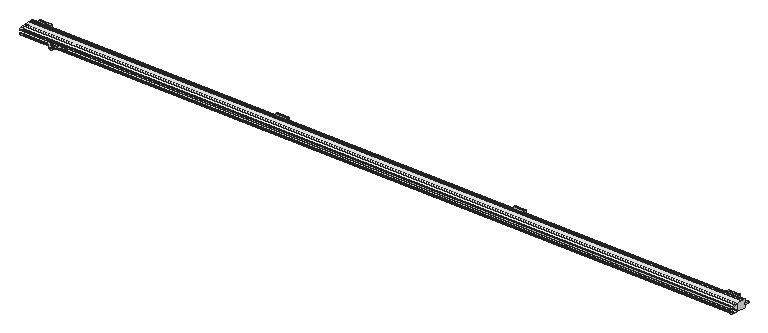
Revit family "FallProtection_RigidRail_Kattsafe_FloorMount_100", category Specialty Equipment, Revit 2025
Family settings
  Round Connector Dimension = Use Diameter
  Part Type = Normal
  OmniClass Number = 23.27.71.21
  Enable Cutting in Views = No
  Cut with Voids When Loaded = No
  Maintain Annotation Orientation = No
  Shared = No
  Room Calculation Point = No
Parameters (values of type "Type 1")
  Uniclass2015Version = "Products v1.23"
  Uniclass2015Title = "Fall arrester devices"
  Uniclass2015Code = "Pr_40_70_75_29"
  URL = "https://kattsafe.com.au/"
  Type IFC Predefined Type = "USERDEFINED"
  Type Comments = "Rigid Rail - Floor Mount - 100mm"
  TrolleyType [instance] = Trolley_Kattsafe : Single Trolley (OH260)
  SupportExtra [instance] = ActualStartSupportInset + ActualFirstSupportSpacing + ((SupportCount - 1) * ActualSupportSpacing) < [built-in parameter 1001306] - 400 mm  # yes
  SupportCount [instance] = roundup(([built-in parameter 1001306] - ActualStartSupportInset - ActualFirstSupportSpacing) / ActualSupportSpacing)  # 2
  SupportArrayCountCalc [instance] = if(SupportCount < 2, 2, SupportCount)  # 2
  SupportArray [instance] = [built-in parameter 1001306] > ActualStartSupportInset + ActualFirstSupportSpacing + ActualSupportSpacing  # yes
  ShowRailJoinSupportZones [instance] = yes
  SafetyDisclaimer [instance] = "WARNING! The correct placement of access, fall protection and facade maintenance systems is critical to ensure it is fit-for-purpose and safe for the operator to use. Did you know Kattsafe® have a dedicated team of Height Safety System Design Specialists? Kattsafe® provide one-on-one consultation and system design assistance to ensure you are meeting the stringent requirements of height safety and to give you PEACE OF MIND with your project."  # constant formula
  RailJoinSupportZoneSingle [instance] = and(ShowRailJoinSupportZones, [built-in parameter 1001306] > 6500 mm, [built-in parameter 1001306] < 12500 mm)  # no
  RailJoinSupportZoneArray [instance] = and(ShowRailJoinSupportZones, [built-in parameter 1001306] > 12500 mm)  # no
  ManufacturerOverallDepth = BracketDepth + 130 mm  # 235 mm
  SecondSupportSingleCalc [instance] = not(SupportArray)  # no
  InternalRailJoinsCalc [instance] = if(InternalRailJoins < 2, 2, InternalRailJoins)  # 2
  InternalRailJoins [instance] = if(1 = 1, roundup(([built-in parameter 1001306] - 500 mm) / 6000 mm) - 1, 0)  # 0
  Export Type to IFC As = "IfcBuildingElementProxy"
  ElementType = "Fall Protection"
  Description = "Rigid rails provide significant spanning capabilities, making them very versatile where there are limited support structures. The high strength aluminium construction, along with the unique t-bolt assembly makes it a very simple and easily adaptable system to install."  # constant formula
  Default Elevation = 0 mm
  BracketDepth = 105 mm  # constant formula
  Assembly Code = "E1090100"
  ActualFirstSupportSpacing [instance] = if(DesiredFirstSupportSpacing < 100 mm, 100 mm, if(DesiredFirstSupportSpacing > [built-in parameter 1001306] - ActualStartSupportInset * 2, [built-in parameter 1001306] - ActualStartSupportInset * 2, if(DesiredFirstSupportSpacing > MaximumSpan, MaximumSpan, DesiredFirstSupportSpacing)))  # 2000 mm
  DesiredFirstSupportSpacing [instance] = 2000 mm
  ActualRailCentreOffset [instance] = if(DesiredRailCentreOffset < 36 mm, 36 mm, if(DesiredRailCentreOffset > 86 mm, 86 mm, DesiredRailCentreOffset))  # 60 mm
  ModifiedIssue = 20240430
  Model = "OH7"
  MaximumSpan [instance] = if(ActualUsersPerSpan = 1, 4000 mm, if(ActualUsersPerSpan = 2, 3200 mm, if(ActualUsersPerSpan = 3, 2500 mm, 2000 mm)))  # 4000 mm
  Material = Aluminum_Kattsafe_Satin
  ManufacturerURLProductSpecific = "https://kattsafe.com.au/products/rigid-rails/rigid-130-rail/rigid-130-rail-metal-deck-mount-OH7"
  ManufacturerSpecCode = Model  # "OH7"
  ManufacturerOverallLength [instance] = if(1 = 1, [built-in parameter 1001306], 0 mm)  # 6000 mm
  ManufacturerOverallHeight [instance] = if(ActualRailCentreOffset + 30 mm > 105 mm, ActualRailCentreOffset + 30 mm, 105 mm)  # 105 mm
  ManufacturerHeightFromFFL [instance] = 0 mm
  Manufacturer = "Kattsafe®"  # constant formula
  built-in parameter 1001306 [instance] = 6000 mm
  IfcExportType = "USERDEFINED"
  IfcExportAs = "IfcBuildingElementProxy"
  End2Capped [instance] = no
  End1Capped [instance] = no
  DesiredUsersPerSpan [instance] = 1
  DesiredSupportSpacing [instance] = 2000 mm
  DesiredStartSupportInset [instance] = 100 mm
  DesiredRailCentreOffset [instance] = 60 mm
  CreatedByURL = "https://igsgroup.com.au"
  CreatedBy = "IGS BIM Solutions"  # constant formula
  ActualUsersPerSpan [instance] = if(DesiredUsersPerSpan < 1, 1, if(DesiredUsersPerSpan > 4, 4, DesiredUsersPerSpan))  # 1
  ActualSupportSpacing [instance] = if(DesiredSupportSpacing < 100 mm, 100 mm, if(DesiredSupportSpacing > MaximumSpan, MaximumSpan, DesiredSupportSpacing))  # 2000 mm
  ActualStartSupportInset [instance] = if(DesiredStartSupportInset > 400 mm, 400 mm, if(DesiredStartSupportInset < 50 mm, 50 mm, DesiredStartSupportInset))  # 100 mm
Reference planes
  plane 1 "RailBack": y = 0
  plane 2 "BottomReference": z = 0
  plane 3 "Left": x = 0
  plane 4 "Right": x = 6000
  plane 5 "Bottom": z = 0
  plane 6 "RailFront": y = -130
  plane 7 "1stSupport": x = 100
  plane 8 "2ndSupport": x = 2100
  plane 9 "3rdSupport": x = 4100
  plane 10 "ExtraSupport": x = 5900
  plane 11 "RailCentre": z = 60
  plane 12 "Back": y = 105
  plane 13 "Trolley": x = 300
  plane 14 "RailCentre(Front/Back)": y = -65
  plane 15 "RailJoin1": x = 6000
  plane 16 "RailJoin2": x = 12000
Forms (mm)
  Sweep 1, solid, material "Aluminum_Kattsafe_Satin" <- "Material"
    path origin (0, 0, 60) x (-1, 0, 0) y (0, -1, 0)
      loop
        line (0, 130) -> (-6000, 130)
    profile "Z_Fallprotection_Kattsafe_Rigidrail_130 : Type 1" origin (3000, -130, 60) x (0, 1, 0) y (0, 0, 1)
      loop
        line (25.1, -30) -> (94.75, -30) -> (94.75, -23) -> (106.75, -23) -> (106.75, -30) -> (117, -30) -> (117, -24) -> (124, -24) -> (124, -30) -> (130, -30) -> (130, -10.5) -> (124, -10.5) -> (124, -16.5) -> (117, -16.5) -> (117, -10.5) -> (114, -10.5) -> (114, 10.5) -> (117, 10.5) -> (117, 16.5) -> (124, 16.5) -> (124, 10.5) -> (130, 10.5) -> (130, 30) -> (124, 30) -> (124, 24) -> (117, 24) -> (117, 30) -> (106.75, 30) -> (106.75, 23) -> (94.75, 23) -> (94.75, 30) -> (25.1, 30) -> (3.706, 24.267)
        arc (3.706, 24.267) -> (1.033, 22.482) -> (0, 19.438) r 5
        line (0, 19.438) -> (0, 9.025) -> (4, 9.025) -> (4, 17.903)
        arc (4, 17.903) -> (4.62, 19.729) -> (6.224, 20.801) r 3
        line (6.224, 20.801) -> (25.627, 26) -> (55, 26)
        arc (55, 26) -> (58.536, 24.536) -> (60, 21) r 5
        line (60, 21) -> (60, -21)
        arc (60, -21) -> (58.536, -24.536) -> (55, -26) r 5
        line (55, -26) -> (25.627, -26) -> (6.224, -20.801)
        arc (6.224, -20.801) -> (4.62, -19.729) -> (4, -17.903) r 3
        line (4, -17.903) -> (4, -9.025) -> (0, -9.025) -> (0, -19.438)
        arc (0, -19.438) -> (1.033, -22.482) -> (3.706, -24.267) r 5
        line (3.706, -24.267) -> (25.1, -30)
Lines and regions (mm)
  reference lines
    curve 1: line (0, 0, 0) -> (6000, 0, 0)
Text (mm)
  text "Disclaimer:\nDue to ongoing product development and manufacturing \nevolution, product details are subject to change without \nnotice. Please refer to product technical data sheets on \nthe manufacturers website for the most current product \ninformation. Please allow a +/- 5mm manufacturing \ntolerance for dimensions and set-outs shown in product \nliterature." at (9794.221, -1431.406, 0), in view "Ref. Level"
Dimensions and locks
  "built-in parameter 1001306": plane 3 "Left" to plane 4 "Right"
  "ManufacturerHeightFromFFL": plane 5 "Bottom" to plane 2 "BottomReference"
  locked: plane 1 "RailBack" to plane 6 "RailFront" at 130
  "ActualStartSupportInset": plane 7 "1stSupport" to plane 3 "Left"
  "ActualFirstSupportSpacing": plane 8 "2ndSupport" to plane 7 "1stSupport"
  "ActualSupportSpacing": plane 9 "3rdSupport" to plane 8 "2ndSupport"
  group 1 to group 2 = 2000 mm
  group 1 to group 2 = 0 mm  (x2)
  "ActualStartSupportInset": plane 4 "Right" to plane 10 "ExtraSupport"
  "ActualRailCentreOffset": plane 11 "RailCentre" to plane 5 "Bottom"
  "BracketDepth": plane 12 "Back" to plane 1 "RailBack"
  locked: plane 3 "Left" to plane 13 "Trolley" at 300
  equal spacing: plane 6 "RailFront", plane 14 "RailCentre(Front/Back)", plane 1 "RailBack"
  group 3 to group 4 = 6000 mm
  group 4 to group 3 = 0 mm
  group 3 to group 4 = 0 mm
  plane 16 "RailJoin2" to plane 15 "RailJoin1" to plane 3 "Left" = 6000 mm locked, 6000 mm locked
  aligned and locked: plane 4 "Right" to curve 1
  aligned and locked: plane 1 "RailBack" to curve 1
  aligned and locked: plane 3 "Left" to curve 1
  aligned and locked: level to plane 2 "BottomReference"
  aligned and locked: plane 3 "Left" to Sweep 1 sketch curve
  aligned and locked: plane 4 "Right" to Sweep 1 sketch curve
  aligned and locked: Sweep 1 sketch curve to plane 6 "RailFront"
  aligned and locked: plane 9 "3rdSupport" to nested 3
  aligned and locked: nested 1 to plane 5 "Bottom"
  aligned and locked: plane 5 "Bottom" to nested 4
  aligned and locked: plane 5 "Bottom" to nested 2
  aligned and locked: plane 5 "Bottom" to nested 3
  aligned and locked: plane 5 "Bottom" to nested 5
  aligned and locked: nested 1 to plane 7 "1stSupport"
  aligned and locked: nested 2 to plane 8 "2ndSupport"
  aligned and locked: nested 4 to plane 8 "2ndSupport"
  aligned and locked: nested 5 to plane 10 "ExtraSupport"
  aligned and locked: nested 1 to plane 1 "RailBack"
  aligned and locked: nested 4 to plane 1 "RailBack"
  aligned and locked: nested 2 to plane 1 "RailBack"
  aligned and locked: nested 3 to plane 1 "RailBack"
  aligned and locked: nested 5 to plane 1 "RailBack"
  aligned and locked: plane 11 "RailCentre" to nested 6
  aligned and locked: nested 7 to plane 11 "RailCentre"
  aligned and locked: nested 7 to plane 1 "RailBack"
  aligned and locked: nested 6 to plane 1 "RailBack"
  aligned and locked: nested 8 to plane 6 "RailFront"
  aligned and locked: plane 13 "Trolley" to nested 8
  aligned and locked: nested 9 to plane 11 "RailCentre"
  aligned and locked: nested 10 to plane 11 "RailCentre"
  aligned and locked: nested 11 to plane 11 "RailCentre"
  aligned and locked: plane 16 "RailJoin2" to nested 11
  aligned and locked: plane 15 "RailJoin1" to nested 10
  aligned and locked: plane 15 "RailJoin1" to nested 9
  aligned and locked: plane 14 "RailCentre(Front/Back)" to nested 9
  aligned and locked: plane 14 "RailCentre(Front/Back)" to nested 10
  aligned and locked: plane 14 "RailCentre(Front/Back)" to nested 11
Nested families
  nested 1: "Z_Mount_Kattsafe_Rigidrail_Floor" at (100, 300, 0) x (-1, 0, 0) z (0, 0, 1), type "Type 1"
    with ManufacturerHeightFromFFL 0 mm
  nested 2: "Z_Mount_Kattsafe_Rigidrail_Floor" at (2100, 300, 0) x (-1, 0, 0) z (0, 0, 1), visible <- "SupportArray", type "Type 1"
    with ManufacturerHeightFromFFL 0 mm
  nested 3: "Z_Mount_Kattsafe_Rigidrail_Floor" at (4100, 300, 0) x (-1, 0, 0) z (0, 0, 1), visible <- "SupportArray", type "Type 1"
    with ManufacturerHeightFromFFL 0 mm
  nested 4: "Z_Mount_Kattsafe_Rigidrail_Floor" at (2100, 300, 0) x (-1, 0, 0) z (0, 0, 1), visible <- "SecondSupportSingleCalc", type "Type 1"
    with ManufacturerHeightFromFFL 0 mm
  nested 5: "Z_Mount_Kattsafe_Rigidrail_Floor" at (5900, 300, 0) x (-1, 0, 0) z (0, 0, 1), visible <- "SupportExtra", type "Type 1"
    with ManufacturerHeightFromFFL 0 mm
  nested 6: "Z_Kattsafe_Rigidrail_130_Endcap" at (0, -130, 60) x (0, 0, 1) z (-1, 0, 0), visible <- "End1Capped", type "Type 1"
  nested 7: "Z_Kattsafe_Rigidrail_130_Endcap" at (6000, -130, 60) x (0, 0, -1) z (1, 0, 0), visible <- "End2Capped", type "Type 1"
  nested 8: "Trolley_Kattsafe" at (300, -130, 60), type <- "TrolleyType", type "Single Trolley (OH260)"
  nested 9: "z_Clearance_Kattsafe_RailJoin" at (6000, -65, 60), visible <- "RailJoinSupportZoneSingle", type "Type 1"
  nested 10: "z_Clearance_Kattsafe_RailJoin" at (6000, -65, 60), visible <- "RailJoinSupportZoneArray", type "Type 1"
  nested 11: "z_Clearance_Kattsafe_RailJoin" at (12000, -65, 60), visible <- "RailJoinSupportZoneArray", type "Type 1"
Definition of nested family "Z_Mount_Kattsafe_Rigidrail_Floor"
  Parameters (values of type "Type 1")
    URL = "https://kattsafe.com.au/"
    Thickness = if([100Bracket], 10 mm, 6 mm)  # 10 mm
    OuterRadiusCalc = Thickness * 2  # 20 mm
    ManufacturerOverallWidth = 100 mm  # constant formula
    ManufacturerOverallHeight = if([100Bracket], 105 mm, 230 mm)  # 105 mm
    ManufacturerOverallDepth = if([100Bracket], 105 mm, 300 mm)  # 105 mm
    ManufacturerHeightFromFFL [instance] = 0 mm  # constant formula
    Manufacturer = "SAYFA"  # constant formula
    Default Elevation = 1219.2 mm
    CreatedByURL = "https://igsgroup.com.au"
    CreatedBy = "IGS BIM Solutions"  # constant formula
    200Bracket = not([100Bracket])  # no
    100Bracket = yes
  Reference planes
    plane 1 "Centre (Front/Back)": y = 247.5
    plane 2 "Ref. Level": z = 0
    plane 3 "Centre (Left/Right)": x = 0
    plane 4 "Back": y = 300
    plane 5 "Front": y = 195
    plane 6 "Right": x = 50
    plane 7 "Left": x = -50
    plane 8 "Bottom": z = 0
    plane 9 "Centre (Elevation)": z = 52.5
    plane 10 "Top": z = 105
  Forms (mm)
    Extrusion 1, solid, visible <- "100Bracket"
      sketch origin (0, 0, 0) x (0, 1, 0) y (0, 0, 1)
        loop
          line (300, 105) -> (290, 105) -> (290, 20)
          arc (290, 20) -> (287.071, 12.929) -> (280, 10) r 10
          line (280, 10) -> (195, 10) -> (195, 0) -> (280, 0)
          arc (280, 0) -> (294.142, 5.858) -> (300, 20) r 20
          line (300, 20) -> (300, 105)
      from -50 to 50
    Extrusion 2, void
      sketch origin (0, 247.5, 0) x (1, 0, 0) y (0, 0, 1)
        loop
          line (-50, 105) -> (-50, 95)
          arc (-50, 95) -> (-47.071, 102.071) -> (-40, 105) r 10
          line (-40, 105) -> (-50, 105)
        loop
          line (50, 105) -> (40, 105)
          arc (40, 105) -> (47.071, 102.071) -> (50, 95) r 10
          line (50, 95) -> (50, 105)
      from -52.5 to -42.5
    Extrusion 3, void
      sketch origin (0, 0, 0) x (0, -1, 0) y (1, 0, 0)
        loop
          line (-205, -50) -> (-195, -50) -> (-195, -40)
          arc (-195, -40) -> (-197.929, -47.071) -> (-205, -50) r 10
        loop
          arc (-205, 50) -> (-197.929, 47.071) -> (-195, 40) r 10
          line (-195, 40) -> (-195, 50) -> (-205, 50)
      from 0 to 10
    Extrusion 4, solid, visible <- "200Bracket"
      sketch origin (0, 0, 0) x (0, 1, 0) y (0, 0, 1)
        loop
          line (300, 105) -> (288, 105) -> (250, 67) -> (250, 50) -> (195, 50) -> (195, 0) -> (288, 0)
          arc (288, 0) -> (296.485, 3.515) -> (300, 12) r 12
          line (300, 12) -> (300, 105)
      from -50 to 50
    Extrusion 5, void
      sketch origin (0, 0, 0) x (1, 0, 0) y (0, 1, 0)
        loop
          line (-44, 294) -> (-44, 195) -> (44, 195) -> (44, 294) -> (-44, 294)
      from 6 to 105
  Cuts and joins
    Extrusion 2, Extrusion 3 cuts Extrusion 1
    Extrusion 5 cuts Extrusion 4
  Lines and regions (mm)
    Masking region 1, visible <- "200Bracket"
      outline origin (0, 0, 0) x (1, 0, 0) y (0, 1, 0)
        loop
          arc (-38, 300) -> (-46.485, 296.485) -> (-50, 288) r 12
          line (-50, 288) -> (-50, 195) -> (50, 195) -> (50, 288)
          arc (50, 288) -> (46.485, 296.485) -> (38, 300) r 12
          line (38, 300) -> (-38, 300)
    Masking region 2, visible <- "100Bracket"
      outline origin (0, 0, 0) x (1, 0, 0) y (0, 1, 0)
        loop
          line (50, 300) -> (-50, 300) -> (-50, 205)
          arc (-50, 205) -> (-47.071, 197.929) -> (-40, 195) r 10
          line (-40, 195) -> (40, 195)
          arc (40, 195) -> (47.071, 197.929) -> (50, 205) r 10
          line (50, 205) -> (50, 300)
    symbolic lines, visible <- "200Bracket"
      curve 1: line (-44, 288, 0) -> (-44, 195, 0)
      curve 2: line (44, 195, 0) -> (44, 288, 0)
      curve 3: line (38, 294, 0) -> (-38, 294, 0)
      curve 4: arc (-44, 288, 0) -> (-42.243, 292.243, 0) -> (-38, 294, 0) r 6
      curve 5: arc (38, 294, 0) -> (42.243, 292.243, 0) -> (44, 288, 0) r 6
    symbolic lines, visible <- "100Bracket"
      curve 6: line (-50, 290, 0) -> (50, 290, 0)
  Text (mm)
    text "Disclaimer:\nDue to ongoing product development and manufacturing \nevolution, product details are subject to change without \nnotice. Please refer to product technical data sheets on \nthe manufacturers website for the most current product \ninformation. Please allow a +/- 5mm manufacturing \ntolerance for dimensions and set-outs shown in product \nliterature." at (985.527, 159.228, 0), in view "Ref. Level"
  Dimensions and locks
    equal spacing: plane 7 "Left", plane 3 "Centre (Left/Right)", plane 6 "Right"
    "ManufacturerOverallWidth": plane 7 "Left" to plane 6 "Right"
    equal spacing: plane 5 "Front", plane 1 "Centre (Front/Back)", plane 4 "Back"
    "ManufacturerOverallDepth": plane 5 "Front" to plane 4 "Back"
    equal spacing: plane 10 "Top", plane 9 "Centre (Elevation)", plane 8 "Bottom"
    "ManufacturerOverallHeight": plane 10 "Top" to plane 8 "Bottom"
    "ManufacturerHeightFromFFL": plane 8 "Bottom" to plane 2 "Ref. Level"
    "Thickness": plane 4 "Back" to Extrusion 1 sketch curve
    "Thickness": plane 8 "Bottom" to Extrusion 1 sketch curve
    locked: plane 4 "Back" to Extrusion 4 sketch curve at 50
    locked: plane 8 "Bottom" to Extrusion 4 sketch curve at 50
    locked: plane 7 "Left" to Extrusion 5 sketch curve at 6
    locked: Extrusion 5 sketch curve to plane 6 "Right" at 6
    locked: Extrusion 5 sketch curve to plane 4 "Back" at 6
    "Thickness": radius of Extrusion 1 sketch curve
    "OuterRadiusCalc": radius of Extrusion 1 sketch curve
    radius of Extrusion 2 sketch curve = 10 mm  (x2)
    radius of Extrusion 3 sketch curve = 10 mm  (x2)
    radius of Extrusion 4 sketch curve = 12 mm
    radius of Masking region 1 sketch curve = 12 mm  (x2)
    radius of curve 5 = 6 mm
    radius of curve 4 = 6 mm
    radius of Masking region 2 sketch curve = 10 mm  (x2)
    locked: Extrusion 4 sketch curve to plane 10 "Top" (angle 45.00°)
    aligned and locked: level to plane 2 "Ref. Level"
    aligned and locked: plane 4 "Back" to Extrusion 1 sketch curve
    aligned and locked: plane 10 "Top" to Extrusion 1 sketch curve
    aligned and locked: Extrusion 1 sketch curve to plane 8 "Bottom"
    aligned and locked: Extrusion 1 sketch curve to plane 5 "Front"
    aligned and locked: Extrusion 1 to plane 7 "Left"
    aligned and locked: plane 6 "Right" to Extrusion 1
    aligned and locked: Extrusion 2 sketch curve to plane 7 "Left"
    aligned and locked: plane 10 "Top" to Extrusion 2 sketch curve
    aligned and locked: Extrusion 2 sketch curve to plane 10 "Top"
    aligned and locked: Extrusion 2 sketch curve to plane 6 "Right"
    aligned and locked: Extrusion 2 to plane 4 "Back"
    aligned and locked: Extrusion 1 to Extrusion 2
    aligned and locked: Extrusion 3 sketch curve to plane 7 "Left"
    aligned and locked: plane 5 "Front" to Extrusion 3 sketch curve
    aligned and locked: Extrusion 3 sketch curve to plane 5 "Front"
    aligned and locked: Extrusion 3 sketch curve to plane 6 "Right"
    aligned and locked: plane 8 "Bottom" to Extrusion 3
    aligned and locked: Extrusion 3 to cut or joined group of Extrusion 1, Extrusion 2, Extrusion 3
    aligned and locked: Extrusion 4 sketch curve to plane 8 "Bottom"
    aligned and locked: Extrusion 4 sketch curve to plane 5 "Front"
    aligned and locked: plane 10 "Top" to Extrusion 4 sketch curve
    aligned and locked: plane 4 "Back" to Extrusion 4 sketch curve
    aligned and locked: Extrusion 4 to plane 7 "Left"
    aligned and locked: plane 6 "Right" to Extrusion 4
    aligned and locked: Extrusion 5 sketch curve to plane 5 "Front"
    aligned and locked: Extrusion 5 to plane 10 "Top"
    aligned and locked: Masking region 1 sketch curve to plane 6 "Right"
    aligned and locked: plane 7 "Left" to Masking region 1 sketch curve
    aligned and locked: Masking region 1 sketch curve to plane 5 "Front"
    aligned and locked: plane 4 "Back" to Masking region 1 sketch curve
    aligned and locked: Masking region 2 sketch curve to plane 4 "Back"
    aligned and locked: Masking region 2 sketch curve to plane 5 "Front"
    aligned and locked: Masking region 2 sketch curve to plane 6 "Right"
    aligned and locked: Masking region 2 sketch curve to plane 7 "Left"
    aligned and locked: curve 6 to cut or joined group of Extrusion 1, Extrusion 2, Extrusion 3
  Automatic sketch dimensions
    plane 5 "Front" to curve 1 = 0 mm
    plane 5 "Front" to curve 2 = 0 mm
    plane 7 "Left" to curve 1 = 6 mm
    curve 6 to plane 7 "Left" = 0 mm
    curve 6 to plane 6 "Right" = 0 mm
    plane 4 "Back" to Extrusion 4 sketch curve = 12 mm
    plane 4 "Back" to curve 3 = 6 mm
    curve 3 to plane 6 "Right" = 12 mm
Definition of nested family "Z_Kattsafe_Rigidrail_130_Endcap"
  Parameters (values of type "Type 1")
    URL = "https://kattsafe.com.au/"
    Manufacturer = "Kattsafe®"
    EndBracket = yes
    Default Elevation = 1219.2 mm
  Reference planes
    plane 1 "Center (Front/Back)": y = 0
    plane 2: z = 0
    plane 3 "Center (Left/Right)": x = 0
  Forms (mm)
    Extrusion 1, solid
      sketch origin (0, 0, 0) x (1, 0, 0) y (0, 1, 0)
        loop
          line (-1219.2, 1219.2) -> (-1219.2, -1219.2) -> (1219.2, -1219.2) -> (1219.2, 1219.2) -> (-1219.2, 1219.2)
      from 0 to -304.8
    Extrusion 2, solid, visible <- "EndBracket"
      sketch origin (-1824, 130, 1039.649) x (0, 0, 1) y (-1, 0, 0)
        loop
          line (-1074.649, -1794) -> (-1039.649, -1794) -> (-1039.649, -1854.25) -> (-1074.649, -1854.25) -> (-1074.649, -1857.25) -> (-1036.649, -1857.25) -> (-1036.649, -1790.75) -> (-1074.649, -1790.75) -> (-1074.649, -1794)
      from 0 to 105
    Extrusion 3, solid, visible <- "EndBracket"
      sketch origin (0, 0, 0) x (1, 0, 0) y (0, 1, 0)
        loop
          line (24.498, 3.697) -> (27.25, 13.889)
          spline (27.25, 13.889) -> (28.033, 14.815) -> (28.803, 15.741) -> (29.546, 16.667) -> (30.25, 17.593) -> (30.903, 18.519) -> (31.493, 19.444) -> (32.01, 20.37) -> (32.446, 21.296) -> (32.793, 22.222) -> (33.045, 23.148) -> (33.198, 24.074) -> (33.25, 25)
          line (33.25, 25) -> (-33.25, 25)
          spline (-33.25, 25) -> (-33.198, 24.074) -> (-33.045, 23.148) -> (-32.793, 22.222) -> (-32.446, 21.296) -> (-32.01, 20.37) -> (-31.492, 19.444) -> (-30.902, 18.519) -> (-30.249, 17.593) -> (-29.546, 16.667) -> (-28.803, 15.741) -> (-28.033, 14.815) -> (-27.25, 13.889)
          line (-27.25, 13.889) -> (-24.498, 3.697)
          arc (-24.498, 3.697) -> (-22.711, 1.03) -> (-19.671, 0) r 5
          line (-19.671, 0) -> (19.671, 0)
          arc (19.671, 0) -> (22.711, 1.03) -> (24.498, 3.697) r 5
      from 0 to 3
    Extrusion 4, void
      sketch origin (0, 0, 0) x (1, 0, 0) y (0, 0, 1)
        loop
          line (-33.25, 3) -> (-33.25, -3)
          arc (-33.25, -3) -> (-31.493, 1.243) -> (-27.25, 3) r 6
          line (-27.25, 3) -> (-33.25, 3)
        loop
          line (33.25, 3) -> (27.25, 3)
          arc (27.25, 3) -> (31.493, 1.243) -> (33.25, -3) r 6
          line (33.25, -3) -> (33.25, 3)
      from -130 to 0
  Cuts and joins
    Extrusion 4 cuts Extrusion 2
    Extrusion 4 cuts Extrusion 3
    joined: Extrusion 2, Extrusion 3
  Dimensions and locks
    locked: Extrusion 2 sketch curve to Extrusion 2 sketch curve at 66.5
    locked: Extrusion 2 sketch curve to Extrusion 2 sketch curve at 3.25
    locked: Extrusion 2 sketch curve to Extrusion 2 sketch curve at 3
    aligned and locked: plane 2 to Extrusion 1
    aligned and locked: level to Extrusion 1
    aligned and locked: Extrusion 2 sketch curve to Extrusion 2 sketch curve
    aligned and locked: Extrusion 3 to Extrusion 2
    aligned and locked: Extrusion 4 to cut or joined group of Extrusion 2, Extrusion 3, Extrusion 4  (x2)
Definition of nested family "Trolley_Kattsafe"
  Parameters (values of type "Single Trolley (OH260)")
    URL = "https://kattsafe.com.au/"
    SingleTrolley = yes
    RollerOffsetCalc = if(DoubleRollers, 75 mm, 47 mm)  # 47 mm
    Model = "OH260"
    Material = none
    ManufacturerOverallWidth = if(SingleTrolley, 150 mm, 206 mm)  # 150 mm
    ManufacturerOverallHeight = 119 mm
    ManufacturerOverallDepth = 49 mm
    Manufacturer = "SAYFA"  # constant formula
    DualTrolley = no
    DualOffsetTrolley = no
    DualMultiTrolley = no
    DoubleRollers = not(SingleTrolley)  # no
    Default Elevation = 1219.2 mm
    CreatedByURL = "https://igsgroup.com.au"
    CreatedBy = "IGS BIM Solutions"  # constant formula
  Types (4, lengths in mm): name | SingleTrolley | RollerOffsetCalc | Model | ManufacturerOverallWidth | ManufacturerOverallHeight | DualTrolley | DualOffsetTrolley | DualMultiTrolley | DoubleRollers
    Single Trolley (OH260) | yes | 47 | "OH260" | 150 | 119 | no | no | no | no
    Dual Trolley (OH261A) | no | 75 | "OH261A" | 206 | 134 | yes | no | no | yes
    Dual Offset Trolley (OH261F) | no | 75 | "OH261F" | 206 | 122 | no | yes | no | yes
    Dual Multi Trolley (OH261M) | no | 75 | "OH261M" | 206 | 77 | no | no | yes | yes
  Reference planes
    plane 1 "Centre (Front/Back)": y = 0
    plane 2 "Ref. Level": y = 0
    plane 3 "Centre (Left/Right)": x = 0
    plane 4 "RailBottom": z = 0
  Forms (mm)
    Extrusion 1, solid, material <- "Material", detail levels medium+fine
      sketch origin (0, -42.75, 0) x (1, 0, 0) y (0, 1, 0)
        loop
          circle (-47, 74.555) r 26
        loop
          circle (47, 74.555) r 26
      from -18 to -3
    Extrusion 2, solid, material <- "Material", visible <- "DoubleRollers", detail levels medium+fine
      sketch origin (-6.323, 32.684, 0) x (1, 0, 0) y (0, 1, 0)
        loop
          circle (-24.927, 12.316) r 15
        loop
          circle (37.573, 12.316) r 15
      from -12 to -3
    Extrusion 3, solid, material <- "Material", visible <- "SingleTrolley", detail levels medium+fine
      sketch origin (-50.585, -29.555, 0) x (1, 0, 0) y (0, 1, 0)
        loop
          circle (50.585, 74.555) r 15
      from -12 to -3
    Extrusion 4, solid, material <- "Material", visible <- "DualTrolley"
      sketch origin (-28, -2.8, 0) x (1, 0, 0) y (0, 1, 0)
        loop
          line (-75, 46.8) -> (-75, 3.645)
          arc (-75, 3.645) -> (-73.478, -4.009) -> (-69.142, -10.497) r 20
          line (-69.142, -10.497) -> (-14.142, -65.497)
          arc (-14.142, -65.497) -> (-6.487, -70.274) -> (2.487, -71.2) r 20
          line (2.487, -71.2) -> (56.155, -71.2)
          arc (56.155, -71.2) -> (63.809, -69.678) -> (70.297, -65.342) r 20
          line (70.297, -65.342) -> (125.142, -10.497)
          arc (125.142, -10.497) -> (129.478, -4.009) -> (131, 3.645) r 20
          line (131, 3.645) -> (131, 46.8)
          arc (131, 46.8) -> (128.071, 53.871) -> (121, 56.8) r 10
          line (121, 56.8) -> (-65, 56.8)
          arc (-65, 56.8) -> (-72.071, 53.871) -> (-75, 46.8) r 10
        loop
          line (-24.657, -38.012) -> (-5.812, -56.857)
          arc (-5.812, -56.857) -> (-3.217, -58.591) -> (-0.155, -59.2) r 8
          line (-0.155, -59.2) -> (16, -59.2)
          arc (16, -59.2) -> (21.657, -56.857) -> (24, -51.2) r 8
          line (24, -51.2) -> (24, -32.355)
          arc (24, -32.355) -> (21.657, -26.698) -> (16, -24.355) r 8
          line (16, -24.355) -> (-19, -24.355)
          arc (-19, -24.355) -> (-26.391, -29.294) -> (-24.657, -38.012) r 8
        loop
          arc (80.657, -38.012) -> (82.391, -29.294) -> (75, -24.355) r 8
          line (75, -24.355) -> (40, -24.355)
          arc (40, -24.355) -> (34.343, -26.698) -> (32, -32.355) r 8
          line (32, -32.355) -> (32, -51.2)
          arc (32, -51.2) -> (34.343, -56.857) -> (40, -59.2) r 8
          line (40, -59.2) -> (56.155, -59.2)
          arc (56.155, -59.2) -> (59.217, -58.591) -> (61.812, -56.857) r 8
          line (61.812, -56.857) -> (80.657, -38.012)
      from -3 to 3
    Extrusion 5, solid, material <- "Material", visible <- "SingleTrolley", detail levels medium+fine
      sketch origin (-50.585, -29.555, 0) x (0, -1, 0) y (1, 0, 0)
        loop
          circle (-74.555, 50.585) r 15
      from -12 to -3
    Extrusion 6, solid, material <- "Material", visible <- "DualOffsetTrolley"
      sketch origin (0, 0, 0) x (0, 0, -1) y (0, 1, 0)
        loop
          line (-3, 54) -> (-3, -0.404)
          arc (-3, -0.404) -> (-3.457, -2.701) -> (-4.757, -4.647) r 6
          line (-4.757, -4.647) -> (-57.811, -57.701) -> (-53.569, -61.944) -> (-0.515, -8.89)
          arc (-0.515, -8.89) -> (2.087, -4.997) -> (3, -0.404) r 12
          line (3, -0.404) -> (3, 54) -> (-3, 54)
      from -103 to 103
    Extrusion 7, void
      sketch origin (0, -4.647, 4.757) x (0, -0.707107, 0.707107) y (1, 0, 0)
        loop
          arc (14.327, -97.142) -> (7.838, -101.478) -> (0.185, -103) r 20
          line (0.185, -103) -> (75.029, -103) -> (75.029, -30.487)
          arc (75.029, -30.487) -> (73.15, -36.79) -> (69.327, -42.142) r 20
          line (69.327, -42.142) -> (14.327, -97.142)
        loop
          line (14.327, 97.142) -> (69.172, 42.297)
          arc (69.172, 42.297) -> (73.507, 35.809) -> (75.029, 28.155) r 20
          line (75.029, 28.155) -> (75.029, 103) -> (0.185, 103)
          arc (0.185, 103) -> (7.838, 101.478) -> (14.327, 97.142) r 20
        loop
          line (41.842, -52.657) -> (60.686, -33.812)
          arc (60.686, -33.812) -> (62.42, -31.217) -> (63.029, -28.155) r 8
          line (63.029, -28.155) -> (63.029, -12)
          arc (63.029, -12) -> (60.686, -6.343) -> (55.029, -4) r 8
          line (55.029, -4) -> (36.185, -4)
          arc (36.185, -4) -> (30.528, -6.343) -> (28.185, -12) r 8
          line (28.185, -12) -> (28.185, -47)
          arc (28.185, -47) -> (33.123, -54.391) -> (41.842, -52.657) r 8
        loop
          arc (41.842, 52.657) -> (33.123, 54.391) -> (28.185, 47) r 8
          line (28.185, 47) -> (28.185, 12)
          arc (28.185, 12) -> (30.528, 6.343) -> (36.185, 4) r 8
          line (36.185, 4) -> (55.029, 4)
          arc (55.029, 4) -> (60.686, 6.343) -> (63.029, 12) r 8
          line (63.029, 12) -> (63.029, 28.155)
          arc (63.029, 28.155) -> (62.42, 31.217) -> (60.686, 33.812) r 8
          line (60.686, 33.812) -> (41.842, 52.657)
      from -6 to 0
    Extrusion 8, void
      sketch origin (-1, 27, 74.239) x (0, -0.707107, -0.707107) y (1, 0, 0)
        loop
          line (45.12, -96.142) -> (-9.88, -41.142)
          arc (-9.88, -41.142) -> (-13.703, -35.79) -> (-15.582, -29.487) r 20
          line (-15.582, -29.487) -> (-15.582, -102) -> (59.262, -102)
          arc (59.262, -102) -> (51.609, -100.478) -> (45.12, -96.142) r 20
        loop
          arc (45.12, 98.142) -> (51.609, 102.478) -> (59.262, 104) r 20
          line (59.262, 104) -> (-15.582, 104) -> (-15.582, 29.155)
          arc (-15.582, 29.155) -> (-14.06, 36.809) -> (-9.725, 43.297) r 20
          line (-9.725, 43.297) -> (45.12, 98.142)
        loop
          arc (17.605, -51.657) -> (26.324, -53.391) -> (31.262, -46) r 8
          line (31.262, -46) -> (31.262, -11)
          arc (31.262, -11) -> (28.919, -5.343) -> (23.262, -3) r 8
          line (23.262, -3) -> (4.418, -3)
          arc (4.418, -3) -> (-1.239, -5.343) -> (-3.582, -11) r 8
          line (-3.582, -11) -> (-3.582, -27.155)
          arc (-3.582, -27.155) -> (-2.973, -30.217) -> (-1.239, -32.812) r 8
          line (-1.239, -32.812) -> (17.605, -51.657)
        loop
          line (17.605, 53.657) -> (-1.239, 34.812)
          arc (-1.239, 34.812) -> (-2.973, 32.217) -> (-3.582, 29.155) r 8
          line (-3.582, 29.155) -> (-3.582, 13)
          arc (-3.582, 13) -> (-1.239, 7.343) -> (4.418, 5) r 8
          line (4.418, 5) -> (23.262, 5)
          arc (23.262, 5) -> (28.919, 7.343) -> (31.262, 13) r 8
          line (31.262, 13) -> (31.262, 48)
          arc (31.262, 48) -> (26.324, 55.391) -> (17.605, 53.657) r 8
      from 0 to 6
    Extrusion 9, solid, material <- "Material", detail levels medium+fine
      sketch origin (0, -42.75, 0) x (1, 0, 0) y (0, 1, 0)
        loop
          circle (-47, 74.555) r 26
        loop
          circle (47, 74.555) r 26
      from 3 to 18
    Extrusion 10, solid, material <- "Material", visible <- "DoubleRollers", detail levels medium+fine
      sketch origin (-6.323, 32.684, 0) x (1, 0, 0) y (0, 1, 0)
        loop
          circle (-24.927, 12.316) r 15
        loop
          circle (37.573, 12.316) r 15
      from 3 to 12
    Extrusion 11, solid, material <- "Material", visible <- "SingleTrolley", detail levels medium+fine
      sketch origin (-50.585, -29.555, 0) x (1, 0, 0) y (0, 1, 0)
        loop
          circle (50.585, 74.555) r 15
      from 3 to 12
    Extrusion 12, solid, material <- "Material", visible <- "DualMultiTrolley"
      sketch origin (0, 0, 0) x (0, 1, 0) y (0, 0, 1)
        loop
          line (54, 3) -> (-6, 3)
          arc (-6, 3) -> (-10.243, 4.757) -> (-12, 9) r 6
          line (-12, 9) -> (-12, 32.754)
          arc (-12, 32.754) -> (-11.543, 35.05) -> (-10.243, 36.997) r 6
          line (-10.243, 36.997) -> (38.018, 85.258) -> (33.776, 89.5) -> (-14.485, 41.239)
          arc (-14.485, 41.239) -> (-17.087, 37.346) -> (-18, 32.754) r 12
          line (-18, 32.754) -> (-18, 9)
          arc (-18, 9) -> (-14.485, 0.515) -> (-6, -3) r 12
          line (-6, -3) -> (54, -3) -> (54, 3)
      from -103 to 103
    Extrusion 13, solid, material <- "Material", visible <- "SingleTrolley"
      sketch origin (0, 0, 0) x (1, 0, 0) y (0, 1, 0)
        loop
          line (-75, 44) -> (-75, 16)
          arc (-75, 16) -> (-73.478, 8.346) -> (-69.142, 1.858) r 20
          line (-69.142, 1.858) -> (-14.142, -53.142)
          arc (-14.142, -53.142) -> (0, -59) -> (14.142, -53.142) r 20
          line (14.142, -53.142) -> (69.142, 1.858)
          arc (69.142, 1.858) -> (73.478, 8.346) -> (75, 16) r 20
          line (75, 16) -> (75, 44)
          arc (75, 44) -> (72.071, 51.071) -> (65, 54) r 10
          line (65, 54) -> (-65, 54)
          arc (-65, 54) -> (-72.071, 51.071) -> (-75, 44) r 10
        loop
          line (-24.657, -25.657) -> (-5.657, -44.657)
          arc (-5.657, -44.657) -> (0, -47) -> (5.657, -44.657) r 8
          line (5.657, -44.657) -> (24.657, -25.657)
          arc (24.657, -25.657) -> (26.391, -16.939) -> (19, -12) r 8
          line (19, -12) -> (-19, -12)
          arc (-19, -12) -> (-26.391, -16.939) -> (-24.657, -25.657) r 8
      from -3 to 3
  Cuts and joins
    Extrusion 7, Extrusion 8 cuts Extrusion 6
    Extrusion 8 cuts Extrusion 12
  Text (mm)
    text "Disclaimer:\nDue to ongoing product development and manufacturing \nevolution, product details are subject to change without \nnotice. Please refer to product technical data sheets on \nthe manufacturers website for the most current product \ninformation. Please allow a +/- 5mm manufacturing \ntolerance for dimensions and set-outs shown in product \nliterature." at (985.527, 159.228, 0), in view "Ref. Level"
  Dimensions and locks
    Extrusion 4 sketch curve to plane 3 "Centre (Left/Right)" to Extrusion 4 sketch curve = 103 mm locked, 103 mm locked
    locked: Extrusion 6 sketch curve to Extrusion 6 sketch curve at 6
    "RollerOffsetCalc": plane 3 "Centre (Left/Right)" to Extrusion 1 sketch curve
    "RollerOffsetCalc": Extrusion 1 sketch curve to plane 3 "Centre (Left/Right)"
    "RollerOffsetCalc": Extrusion 9 sketch curve to plane 3 "Centre (Left/Right)"
    "RollerOffsetCalc": plane 3 "Centre (Left/Right)" to Extrusion 9 sketch curve
    locked: Extrusion 12 sketch curve to Extrusion 12 sketch curve at 6
    Extrusion 13 sketch curve to plane 3 "Centre (Left/Right)" to Extrusion 13 sketch curve = 75 mm locked, 75 mm locked
    radius of Extrusion 1 sketch curve = 26 mm  (x2)
    radius of Extrusion 2 sketch curve = 15 mm  (x2)
    radius of Extrusion 3 sketch curve = 15 mm
    radius of Extrusion 4 sketch curve = 10 mm  (x2)
    radius of Extrusion 4 sketch curve = 20 mm  (x4)
    radius of Extrusion 4 sketch curve = 8 mm  (x7)
    radius of Extrusion 5 sketch curve = 15 mm
    radius of Extrusion 6 sketch curve = 6 mm
    radius of Extrusion 6 sketch curve = 12 mm
    radius of Extrusion 7 sketch curve = 20 mm  (x2)
    radius of Extrusion 7 sketch curve = 8 mm  (x7)
    radius of Extrusion 8 sketch curve = 20 mm  (x2)
    radius of Extrusion 8 sketch curve = 8 mm  (x7)
    radius of Extrusion 9 sketch curve = 26 mm  (x2)
    radius of Extrusion 10 sketch curve = 15 mm  (x2)
    radius of Extrusion 11 sketch curve = 15 mm
    radius of Extrusion 12 sketch curve = 12 mm  (x2)
    radius of Extrusion 12 sketch curve = 6 mm  (x2)
    radius of Extrusion 13 sketch curve = 10 mm  (x2)
    radius of Extrusion 13 sketch curve = 20 mm  (x3)
    radius of Extrusion 13 sketch curve = 8 mm  (x3)
    aligned and locked: plane 3 "Centre (Left/Right)" to Extrusion 3 sketch curve
    aligned and locked: Extrusion 3 to Extrusion 1
    aligned and locked: cut or joined group of Extrusion 6, Extrusion 7, Extrusion 8 to Extrusion 7
    aligned and locked: Extrusion 7 to cut or joined group of Extrusion 6, Extrusion 7, Extrusion 8
    aligned and locked: Extrusion 9 to Extrusion 4
    aligned and locked: Extrusion 10 to Extrusion 4
    aligned and locked: Extrusion 10 to Extrusion 11
    aligned and locked: Extrusion 11 to Extrusion 4
    aligned and locked: Extrusion 8 to Extrusion 12  (x2)
    aligned and locked: Extrusion 12 to Extrusion 4  (x2)
    aligned and locked: Extrusion 13 to Extrusion 1
    aligned and locked: Extrusion 4 to Extrusion 13
    aligned and locked: Extrusion 1 to Extrusion 2
  Automatic sketch dimensions
    Extrusion 2 sketch curve to plane 3 "Centre (Left/Right)" = 31.25 mm
    plane 3 "Centre (Left/Right)" to Extrusion 2 sketch curve = 31.25 mm
    Extrusion 2 sketch curve to plane 1 "Centre (Front/Back)" = 45 mm  (x2)
    Extrusion 3 sketch curve to plane 1 "Centre (Front/Back)" = 45 mm
    Extrusion 4 sketch curve to Extrusion 4 sketch curve = 0 mm  (x3)
    plane 1 "Centre (Front/Back)" to Extrusion 4 sketch curve = 13.297 mm  (x2)
    Extrusion 4 sketch curve to Extrusion 4 sketch curve = 5.858 mm  (x2)
    Extrusion 4 sketch curve to Extrusion 4 sketch curve = 30.343 mm
    Extrusion 4 sketch curve to Extrusion 4 sketch curve = 5.657 mm  (x4)
    Extrusion 4 sketch curve to Extrusion 4 sketch curve = 10.515 mm
    Extrusion 4 sketch curve to Extrusion 4 sketch curve = 8.33 mm
    Extrusion 4 sketch curve to Extrusion 4 sketch curve = 0.155 mm
    Extrusion 4 sketch curve to Extrusion 4 sketch curve = 2.643 mm
    Extrusion 4 sketch curve to plane 3 "Centre (Left/Right)" = 12 mm
    plane 3 "Centre (Left/Right)" to Extrusion 4 sketch curve = 4 mm
    Extrusion 4 sketch curve to Extrusion 4 sketch curve = 8 mm
    Extrusion 4 sketch curve to Extrusion 4 sketch curve = 16.155 mm
    Extrusion 4 sketch curve to Extrusion 4 sketch curve = 8.485 mm
    Extrusion 4 sketch curve to Extrusion 4 sketch curve = 18.845 mm  (x2)
    plane 1 "Centre (Front/Back)" to Extrusion 4 sketch curve = 40.812 mm  (x2)
    Extrusion 4 sketch curve to Extrusion 4 sketch curve = 43.155 mm
    Extrusion 5 sketch curve to plane 3 "Centre (Left/Right)" = 0 mm
    Extrusion 5 sketch curve to plane 1 "Centre (Front/Back)" = 45 mm
    Extrusion 6 sketch curve to Extrusion 6 sketch curve = 0 mm  (x2)
    level to Extrusion 6 sketch curve = 57.811 mm
    Extrusion 6 sketch curve to Extrusion 6 sketch curve = 4.243 mm
    plane 1 "Centre (Front/Back)" to Extrusion 6 sketch curve = 0.404 mm
    level to Extrusion 6 sketch curve = 9 mm
    plane 1 "Centre (Front/Back)" to Extrusion 6 sketch curve = 4.647 mm
    level to Extrusion 6 sketch curve = 0.515 mm
    Extrusion 6 sketch curve to plane 1 "Centre (Front/Back)" = 54 mm
    Extrusion 7 sketch curve to Extrusion 7 sketch curve = 0 mm  (x6)
    Extrusion 7 sketch curve to Extrusion 6 = 0 mm  (x4)
    Extrusion 6 to Extrusion 7 sketch curve = 0 mm  (x2)
    Extrusion 7 sketch curve to Extrusion 7 sketch curve = 13.188 mm
    Extrusion 7 sketch curve to Extrusion 6 = 33.188 mm
    Extrusion 7 sketch curve to Extrusion 7 sketch curve = 18.845 mm  (x2)
    Extrusion 7 sketch curve to Extrusion 7 sketch curve = 5.657 mm
    Extrusion 6 to Extrusion 7 sketch curve = 5.858 mm  (x2)
    Extrusion 7 sketch curve to Extrusion 6 = 14.327 mm  (x2)
    Extrusion 7 sketch curve to Extrusion 6 = 0.185 mm  (x2)
    Extrusion 7 sketch curve to Extrusion 7 sketch curve = 0.155 mm
    Extrusion 7 sketch curve to Extrusion 7 sketch curve = 2.343 mm  (x2)
    Extrusion 7 sketch curve to Extrusion 6 = 5.858 mm
    Extrusion 7 sketch curve to Extrusion 6 = 5.703 mm
    Extrusion 6 to Extrusion 7 sketch curve = 50.343 mm
    Extrusion 7 sketch curve to Extrusion 7 sketch curve = 10.515 mm
    Extrusion 7 sketch curve to Extrusion 7 sketch curve = 5.812 mm
    Extrusion 7 sketch curve to Extrusion 7 sketch curve = 16 mm
    Extrusion 7 sketch curve to Extrusion 7 sketch curve = 8 mm
    Extrusion 7 sketch curve to Extrusion 7 sketch curve = 16.155 mm
    Extrusion 8 sketch curve to Extrusion 8 sketch curve = 0 mm  (x4)
    plane 3 "Centre (Left/Right)" to Extrusion 8 sketch curve = 103 mm
    Extrusion 8 sketch curve to Extrusion 8 sketch curve = 20 mm  (x2)
    Extrusion 8 sketch curve to plane 3 "Centre (Left/Right)" = 42.142 mm
    Extrusion 8 sketch curve to Extrusion 8 sketch curve = 5.703 mm
    plane 3 "Centre (Left/Right)" to Extrusion 8 sketch curve = 42.297 mm
    Extrusion 8 sketch curve to Extrusion 8 sketch curve = 5.858 mm
    Extrusion 8 sketch curve to Extrusion 8 sketch curve = 12 mm
    plane 3 "Centre (Left/Right)" to Extrusion 8 sketch curve = 33.812 mm
    Extrusion 8 sketch curve to plane 3 "Centre (Left/Right)" = 33.812 mm
    Extrusion 8 sketch curve to Extrusion 8 sketch curve = 2.343 mm
    Extrusion 8 sketch curve to Extrusion 8 sketch curve = 0.155 mm
    Extrusion 8 sketch curve to plane 3 "Centre (Left/Right)" = 52.657 mm
    Extrusion 8 sketch curve to Extrusion 8 sketch curve = 18.845 mm  (x2)
    plane 3 "Centre (Left/Right)" to Extrusion 8 sketch curve = 52.657 mm
    Extrusion 8 sketch curve to Extrusion 8 sketch curve = 5.657 mm  (x2)
    Extrusion 8 sketch curve to Extrusion 8 sketch curve = 8 mm
    plane 3 "Centre (Left/Right)" to Extrusion 8 sketch curve = 97.142 mm
    Extrusion 8 sketch curve to Extrusion 8 sketch curve = 13.858 mm  (x2)
    Extrusion 8 sketch curve to plane 3 "Centre (Left/Right)" = 97.142 mm
    Extrusion 8 sketch curve to Extrusion 8 sketch curve = 14.142 mm  (x3)
    Extrusion 8 sketch curve to Extrusion 8 sketch curve = 50.343 mm
    Extrusion 8 sketch curve to plane 3 "Centre (Left/Right)" = 12 mm
    plane 3 "Centre (Left/Right)" to Extrusion 8 sketch curve = 4 mm
    Extrusion 10 sketch curve to plane 3 "Centre (Left/Right)" = 31.25 mm
    plane 3 "Centre (Left/Right)" to Extrusion 10 sketch curve = 31.25 mm
    Extrusion 10 sketch curve to plane 1 "Centre (Front/Back)" = 45 mm  (x2)
    Extrusion 11 sketch curve to plane 3 "Centre (Left/Right)" = 0 mm
    Extrusion 11 sketch curve to plane 1 "Centre (Front/Back)" = 45 mm
    Extrusion 12 sketch curve to Extrusion 12 sketch curve = 0 mm  (x4)
    plane 1 "Centre (Front/Back)" to Extrusion 12 sketch curve = 18 mm
    Extrusion 12 sketch curve to Extrusion 12 sketch curve = 2.485 mm
    Extrusion 12 sketch curve to Extrusion 12 sketch curve = 1.757 mm
    Extrusion 12 sketch curve to Extrusion 12 sketch curve = 48.261 mm
    Extrusion 12 sketch curve to Extrusion 12 sketch curve = 4.243 mm
    Extrusion 12 sketch curve to Extrusion 12 sketch curve = 60 mm
    Extrusion 12 sketch curve to level = 3 mm
    Extrusion 12 sketch curve to Extrusion 12 sketch curve = 23.754 mm
    Extrusion 13 sketch curve to plane 3 "Centre (Left/Right)" = 0 mm
    Extrusion 13 sketch curve to plane 3 "Centre (Left/Right)" = 14.142 mm
    Extrusion 13 sketch curve to plane 1 "Centre (Front/Back)" = 1.858 mm  (x2)
    Extrusion 13 sketch curve to Extrusion 13 sketch curve = 14.142 mm  (x3)
    plane 1 "Centre (Front/Back)" to Extrusion 13 sketch curve = 39 mm
    Extrusion 13 sketch curve to Extrusion 13 sketch curve = 28 mm
    Extrusion 13 sketch curve to Extrusion 13 sketch curve = 0 mm  (x2)
    Extrusion 13 sketch curve to plane 3 "Centre (Left/Right)" = 24.657 mm
    Extrusion 13 sketch curve to Extrusion 13 sketch curve = 5.657 mm  (x3)
    plane 3 "Centre (Left/Right)" to Extrusion 13 sketch curve = 5.657 mm
    plane 3 "Centre (Left/Right)" to Extrusion 13 sketch curve = 19 mm
    plane 1 "Centre (Front/Back)" to Extrusion 13 sketch curve = 25.657 mm
    Extrusion 1 sketch curve to plane 1 "Centre (Front/Back)" = 31.805 mm  (x2)
    Extrusion 9 sketch curve to plane 1 "Centre (Front/Back)" = 31.805 mm  (x2)
Definition of nested family "z_Clearance_Kattsafe_RailJoin"
  Parameters (values of type "Type 1")
    URL = "https://kattsafe.com.au/"
    RailHeight = 60 mm
    RailDepth = 130 mm
    Material = none
    Manufacturer = "SAYFA"  # constant formula
    Length = 1000 mm
    Default Elevation = 1219.2 mm
    CreatedByURL = "https://igsgroup.com.au"
    CreatedBy = "IGS BIM Solutions"  # constant formula
  Reference planes
    plane 1 "Center (Front/Back)": y = 0
    plane 2: z = 0
    plane 3 "Center (Left/Right)": x = 0
    plane 4 "Left": x = -500
    plane 5 "Right": x = 500
    plane 6: y = 65
    plane 7: y = -65
    plane 8: z = 30
    plane 9: z = -30
    plane 10 "Center (Elevation)": z = 0
    plane 11 "Top": z = 50
    plane 12 "Bottom": z = -50
    plane 13 "Back": y = 85
    plane 14 "Front": y = -85
  Forms (mm)
    Extrusion 1, solid, material <- "Material"
      sketch origin (0, 0, 0) x (1, 0, 0) y (0, 1, 0)
        loop
          line (-500, 85) -> (-500, -85) -> (500, -85) -> (500, 85) -> (-500, 85)
      from -50 to 50
  Lines and regions (mm)
    symbolic lines
      curve 1: line (-500, 0, 50) -> (500, 0, 50)
      curve 2: line (-500, 0, -50) -> (-500, 0, 50)
      curve 3: line (500, 0, -50) -> (-500, 0, -50)
      curve 4: line (500, 0, 50) -> (500, 0, -50)
      curve 5: line (-500, 85, 0) -> (500, 85, 0)
      curve 6: line (-500, -85, 0) -> (-500, 85, 0)
      curve 7: line (500, -85, 0) -> (-500, -85, 0)
      curve 8: line (500, 85, 0) -> (500, -85, 0)
  Dimensions and locks
    equal spacing: plane 6, plane 1 "Center (Front/Back)", plane 7
    "RailDepth": plane 6 to plane 7
    "RailHeight": plane 8 to plane 9
    "Length": plane 4 "Left" to plane 5 "Right"
    equal spacing: plane 4 "Left", plane 3 "Center (Left/Right)", plane 5 "Right"
    equal spacing: plane 8, plane 10 "Center (Elevation)", plane 9
    locked: plane 11 "Top" to plane 8 at 20
    locked: plane 9 to plane 12 "Bottom" at 20
    locked: plane 13 "Back" to plane 6 at 20
    locked: plane 7 to plane 14 "Front" at 20
    locked: plane 10 "Center (Elevation)" to plane 2
    aligned and locked: level to plane 2
    aligned and locked: plane 4 "Left" to Extrusion 1 sketch curve
    aligned and locked: Extrusion 1 sketch curve to plane 5 "Right"
    aligned and locked: plane 5 "Right" to Extrusion 1
    aligned and locked: Extrusion 1 to plane 4 "Left"
    aligned and locked: Extrusion 1 to plane 12 "Bottom"
    aligned and locked: plane 11 "Top" to Extrusion 1
    aligned and locked: plane 13 "Back" to Extrusion 1
    aligned and locked: Extrusion 1 to plane 14 "Front"
    aligned and locked: curve 1 to plane 11 "Top"
    aligned and locked: plane 12 "Bottom" to curve 3
    aligned and locked: curve 4 to plane 5 "Right"
    aligned and locked: plane 4 "Left" to curve 2
    aligned and locked: curve 5 to plane 13 "Back"
    aligned and locked: plane 4 "Left" to curve 6
    aligned and locked: plane 14 "Front" to curve 7
    aligned and locked: curve 8 to plane 5 "Right"
  Automatic sketch dimensions
    Extrusion 1 sketch curve to plane 7 = 20 mm
    plane 6 to Extrusion 1 sketch curve = 20 mm
